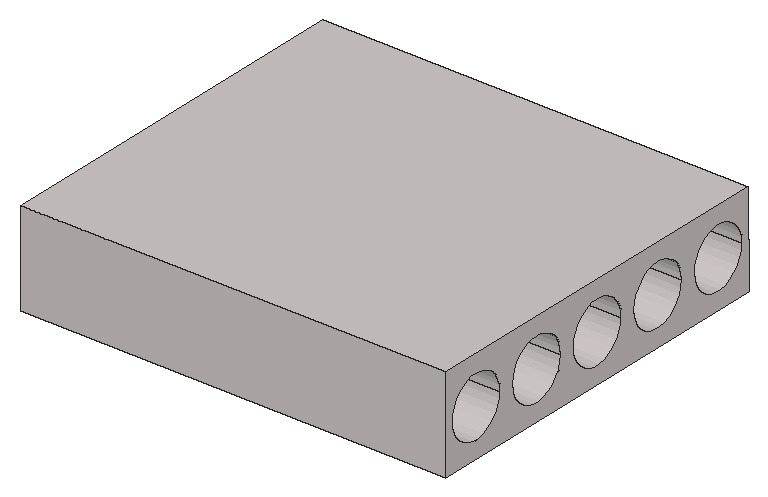
Revit family
Parameters (values of type "1000x250mm")
  시작 확장 계산 [instance] = 3012.5 mm + 시작 확장  # 3000 mm
  시작 확장 [instance] = -12.5 mm
  코어 수 = 5
  끝 확장 계산 [instance] = 3012.5 mm + 끝 확장  # 3000 mm
  끝 확장 [instance] = -12.5 mm
  보 재료 [instance] = 콘크리트 - 프리캐스트 콘크리트 - 35MPa
  Assembly Code = ""
  깊이 = 250 mm
  Length [instance] = 1500 mm
  코어 반지름 = 80 mm
  코어 간격띄우기 = 100 mm
  폭 = 1000 mm
Types (11, lengths in mm): name | 코어 수 | 깊이 | 코어 반지름 | 코어 간격띄우기 | 폭
  (no name) | 5 | 250 | 80 | 100 | 1000
  1000x225mm | 5 | 225 | 80 | 100 | 1000
  1000x250mm | 5 | 250 | 80 | 100 | 1000
  1000x300mm | 4 | 300 | 105 | 125 | 1000
  1000x275mm | 4 | 275 | 92.5 | 162.5 | 1000
  1000x325mm | 3 | 325 | 117.5 | 200 | 1000
  600x225mm | 3 | 225 | 80 | 100 | 600
  600x250mm | 3 | 250 | 80 | 100 | 600
  600x275mm | 2 | 275 | 92.5 | 187.5 | 600
  600x300mm | 2 | 300 | 105 | 175 | 600
  600x325mm | 2 | 325 | 117.5 | 162.5 | 600
Reference planes
  plane 1 "중심(앞/뒤)": y = 0
  plane 2: z = 0
  plane 3 "중심(왼쪽/오른쪽)": x = 4.61
  plane 4 "왼쪽 부재": x = -557.39
  plane 5 "오른쪽 부재": x = 566.61
  plane 6: y = 500
  plane 7: y = -500
  plane 8: z = 125
  plane 9 "하단": z = -125
  plane 10 "왼쪽": x = -757.39
  plane 11 "오른쪽": x = 742.61
  plane 12: x = -557.39
  plane 13: x = 566.61
  plane 14: x = 2442.61
  plane 15: x = -2433.39
Dimensions and locks
  "폭": plane 6 to plane 7
  equal spacing: plane 9 "하단", plane 2, plane 8
  equal spacing: plane 6, plane 1 "중심(앞/뒤)", plane 7
  "깊이": plane 9 "하단" to plane 8
  "Length": plane 10 "왼쪽" to plane 11 "오른쪽"
  locked: plane 4 "왼쪽 부재" to plane 14 at 3000
  locked: plane 15 to plane 5 "오른쪽 부재" at 3000
  "끝 확장 계산": plane 15 to plane 13
  "시작 확장 계산": plane 12 to plane 14
  aligned and locked: plane 12 to nested 1
  aligned and locked: plane 13 to nested 1
Nested families
  nested 1: "M_속 빈 코어" at (566.61, 0, 0) x (-1, 0, 0) z (0, 0, 1), 재료 <- "보 재료", 코어 수 <- "코어 수", 폭 <- "폭", 깊이 <- "깊이", 코어 반지름 <- "코어 반지름", 코어 간격띄우기 <- "코어 간격띄우기", type "M_속 빈 코어"
    with 폭 1000 mm, 코어 수 5, 재료 콘크리트 - 프리캐스트 콘크리트 - 35MPa, built-in parameter 1001306 3.6877 (stored number, unit not read), 깊이 250 mm, 코어 반지름 80 mm, 코어 간격띄우기 100 mm
Definition of nested family "M_속 빈 코어"
  Parameters (values of type "M_속 빈 코어")
    코어 수 [instance] = 2
    폭 [instance] = 1200 mm
    재료 [instance] = 콘크리트 - 프리캐스트 콘크리트 - 보통 두께 - 5 ksi
    built-in parameter 1001306 [instance] = 1200 mm
    깊이 [instance] = 150 mm
    코어 반지름 [instance] = 50 mm
    코어 간격띄우기 [instance] = 100 mm
    Assembly Code = ""
  Reference planes
    plane 1 "중심(앞/뒤)": y = 0
    plane 2: z = 0
    plane 3 "왼쪽": x = 0
    plane 4 "오른쪽": x = 1200
    plane 5: z = 75
    plane 6: z = -75
    plane 7: y = -600
    plane 8: y = 600
    plane 9: y = 500
    plane 10: y = -500
  Forms (mm)
    Extrusion 1, solid, material "콘크리트 - 프리캐스트 콘크리트 - 보통 두께 - 5 ksi" <- "재료"
      sketch origin (0, 0, 0) x (0, 1, 0) y (0, 0, 1)
        loop
          line (600, 75) -> (-600, 75) -> (-600, -75) -> (600, -75) -> (600, 75)
      from 0 to 1200
    Extrusion 2, void
      sketch origin (0, -8, 0) x (0, 1, 0) y (0, 0, 1)
        loop
          circle (508, 0) r 50
      from 0 to 1200 <- "built-in parameter 1001306"
    Extrusion 3, void
      sketch origin (0, -1008, 0) x (0, 1, 0) y (0, 0, 1)
        loop
          circle (508, 0) r 50
      from 0 to 1200 <- "built-in parameter 1001306"
  Cuts and joins
    Extrusion 2, Extrusion 3 cuts Extrusion 1
  Lines and regions (mm)
    reference lines
      curve 1: line (0, 0, 0) -> (1200, 0, 0)
  Dimensions and locks
    "built-in parameter 1001306": plane 3 "왼쪽" to plane 4 "오른쪽"
    "깊이": plane 5 to plane 6
    equal spacing: plane 5, level, plane 6
    "폭": plane 8 to plane 7
    equal spacing: plane 8, plane 1 "중심(앞/뒤)", plane 7
    group 1 to group 2 = 0 mm  (x2)
    group 2 to group 1 = 1000 mm
    "코어 간격띄우기": plane 8 to plane 9
    "코어 간격띄우기": plane 10 to plane 7
    "코어 반지름": radius of Extrusion 2 sketch curve
    "코어 반지름": radius of Extrusion 3 sketch curve
    aligned and locked: plane 4 "오른쪽" to curve 1
    aligned and locked: plane 1 "중심(앞/뒤)" to curve 1
    aligned and locked: plane 3 "왼쪽" to curve 1
    aligned and locked: Extrusion 1 to plane 3 "왼쪽"
    aligned and locked: plane 4 "오른쪽" to Extrusion 1
    aligned and locked: Extrusion 1 sketch curve to plane 6
    aligned and locked: plane 5 to Extrusion 1 sketch curve
    aligned and locked: plane 8 to Extrusion 1 sketch curve
    aligned and locked: Extrusion 1 sketch curve to plane 7
    aligned and locked: plane 9 to Extrusion 2 sketch curve
    aligned and locked: plane 10 to Extrusion 3 sketch curve
